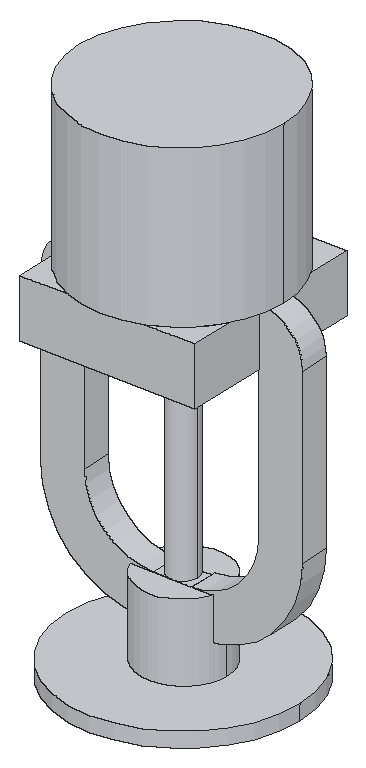
Revit family
Parameters (values of type "RASCO F1FR56 PENDENT")
  Temperature Rating = 200 °F
  Response = 1
  RASCO SIN # = "RA1414"
  RASCO Part # = "F1FR56P2B"
  Pressure Rating = "175 PSI"
  Pressure Class = (empty or 0)
  Orifice Size = 1/2"
  Orifice = (empty or 0)
  Model = "F1FR56"
  Manufacturer = "RASCO"
  K-Factor = 5.6
  Description = "Bronze Finish"
  Coverage = (empty or 0)
Reference planes (in)
  plane 1 "Center (Front/Back)": y = 0
  plane 2: z = 0
  plane 3 "Center (Left/Right)": x = 0
Dimensions and locks (in)
  aligned and locked: plane 2 to level
Nested families (in)
  nested 1: "F1FR56P2B" at (-0.0113, 0, 2.4375) x (-1, 0, 0) z (0, 0, -1), type "RASCO F1FR56 PENDENT"
Connectors (in)
  piping at (-0.0113, 0, 2.4375)
    settings: on nested 1, index 1, connector radius 115/256", flow factor 0, pipe flow 0 GPM, pressure drop 0.00 psi, fitting loss kfactor 0, connector angle 0.00°, fixture units 0, flow configuration 0, flow direction 0, fitting loss method 0, system type 7, connector reference index -1, connector utility 0, adjustable connector no, is connector primary yes, fitting loss table "", connector description ""
Definition of nested family "F1FR56P2B"
  Parameters (values of type "RASCO F1FR56 PENDENT")
    Type Comments = ""
    Temperature Rating = 0 °F
    Response = (empty or 0)
    Pressure Rating = "0"
    Pressure Class = (empty or 0)
    Orifice Size = 0"
    Orifice = (empty or 0)
    Model = ""
    Manufacturer = ""
    K-Factor = 0
    Description = ""
    Coverage = (empty or 0)
    Assembly Code = ""
  Reference planes (in)
    plane 1 "Center (Front/Back)": y = 0
    plane 2: z = 0
    plane 3 "ref.2": z = 0.6875
    plane 4 "ref.3": z = 0.9375
    plane 5: x = -0.38065
    plane 6: x = 0.36935
    plane 7 "ref. side 1": y = 0.06402
    plane 8 "ref. side 2": y = -0.06098
    plane 9 "ref.4": z = 1.875
    plane 10 "ref.5": z = 2.3125
    plane 11 "ref.6": z = 2.4375
  Forms (in)
    Extrusion 1, solid
      sketch origin (0, 0, 0) x (1, 0, 0) y (0, 1, 0)
        loop
          circle (0, 0) r 0.4379
      from 0 to 0.6875
    Extrusion 2, solid
      sketch origin (-0.12185, 0.05177, 0.6875) x (1, 0, 0) y (0, 1, 0)
        loop
          line (-0.2588, 0.356) -> (-0.2588, -0.4565) -> (0.4912, -0.4565) -> (0.4912, 0.356) -> (-0.2588, 0.356)
      from 0 to 0.25
    Extrusion 3, solid
      sketch origin (0, 0, 0) x (1, 0, 0) y (0, 0, 1)
        loop
          line (-0.38065, 0.68754) -> (-0.38065, 1.58397)
          arc (-0.38065, 1.58397) -> (-0.29541, 1.78976) -> (-0.08962, 1.875) r 0.29103
          line (-0.08962, 1.875) -> (0.07524, 1.875)
          arc (0.07524, 1.875) -> (0.28321, 1.78886) -> (0.36935, 1.58089) r 0.29411
          line (0.36935, 1.58089) -> (0.36935, 0.68751)
          arc (0.36935, 0.68751) -> (0.50207, 0.74393) -> (0.55685, 0.87734) r 0.18984
          line (0.55685, 0.87734) -> (0.55685, 1.61676)
          arc (0.55685, 1.61676) -> (0.42629, 1.93194) -> (0.11111, 2.0625) r 0.44574
          line (0.11111, 2.0625) -> (-0.12259, 2.0625)
          arc (-0.12259, 2.0625) -> (-0.43765, 1.932) -> (-0.56815, 1.61694) r 0.44556
          line (-0.56815, 1.61694) -> (-0.56815, 0.87876)
          arc (-0.56815, 0.87876) -> (-0.51345, 0.74486) -> (-0.38065, 0.68754) r 0.19126
      from -0.06402 to 0.06098
    Extrusion 4, solid
      sketch origin (0, 0, 0.9375) x (-1, 0, 0) y (0, -1, 0)
        loop
          circle (0.00574, -0.00152) r 0.0625
      from 0 to 0.9375
    Extrusion 5, solid
      sketch origin (0, 0, 1.875) x (-1, 0, 0) y (0, -1, 0)
        loop
          circle (0.00574, -0.00152) r 0.1875
      from 0 to 0.4375
    Extrusion 6, solid
      sketch origin (0, 0, 2.3125) x (0, -1, 0) y (1, 0, 0)
        loop
          circle (-0.00152, -0.00574) r 0.5
      from -0.10531 to -0.03987
  Cuts and joins
    joined: Extrusion 1, Extrusion 2, Extrusion 4
  Lines and regions (in)
    model lines
      curve 1: line (-0.00574, 0.06402, 1.875) -> (-0.00574, -0.06098, 1.875)
